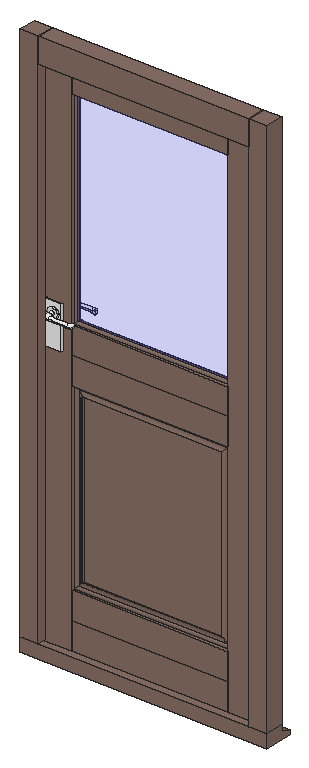
Revit family "DTI_A3-Swartland-Winsters-PD14S", category Doors, host Wall, Revit 2016
Family settings
  Host = Wall
  OmniClass Number = 23.30.10.00
  OmniClass Title = Doors
  Always vertical = Yes
  Cut with Voids When Loaded = No
  Shared = No
  Room Calculation Point = No
Parameters (values of type "Swartland Winsters PD14S")
  URL = "www.swartland.co.za"
  Rough Width = 923 mm
  Rough Height = 2165 mm
  Model = "PD14s"
  Manufacturer = "Swartland Doors & Windows"
  Function = Exterior
  Frame Width = 70 mm
  Height = 2102 mm
  Wall Closure = By host
  Width = Door Width + (Frame Width * 2)  # 953 mm
  Frame Depth = 70 mm
  Door Width = 813 mm
  Door Material = Meranti
  Door Height = 2032 mm
  Door Frame Material = Meranti
  Description = "Traditional Weatherboard Stable Back Door"
  Cill Height = 50 mm
  Assembly Code = ""
Reference planes
  plane 1 "Centre (Front/Back)": y = 0
  plane 2 "Center (Left/Right)": x = 0
  plane 3 "Left": x = -476.5
  plane 4 "Right": x = 476.5
  plane 5: z = 2152
  plane 6 "Exterior": y = 75
  plane 7 "Interior": y = -75
  plane 8: y = -35
  plane 9 "Frame exterior": y = 35
  plane 10: z = 2082
  plane 11: x = 406.5
  plane 12: x = -406.5
  plane 13 "Cill Level": z = 50
  plane 14: z = 1094.604
  plane 15 "Centre of door": y = 17.751
Forms (mm)
  Extrusion 1, solid, material "Meranti" <- "Door Frame Material"
    sketch origin (0, 0, 50) x (1, 0, 0) y (0, 1, 0)
      loop
        line (-476.5, 35) -> (-476.5, -35) -> (-406.5, -35) -> (-406.5, 35) -> (-476.5, 35)
    from 0 to 2102 <- "Height"
  Extrusion 2, solid, material "Meranti" <- "Door Frame Material"
    sketch origin (0, 0, 50) x (-1, 0, 0) y (0, -1, 0)
      loop
        line (-476.5, -35) -> (-406.5, -35) -> (-406.5, 35) -> (-476.5, 35) -> (-476.5, -35)
    from 0 to 2102 <- "Height"
  Extrusion 3, solid, material "Meranti" <- "Door Frame Material"
    sketch origin (0, 0, 0) x (0, 1, 0) y (0, 0, 1)
      loop
        line (-35, 50) -> (-35, 0) -> (75, 0) -> (75, 15) -> (35, 31.321) -> (35, 50) -> (-35, 50)
    from -476.5 to 476.5
  Extrusion 4, solid, material "Meranti"
    sketch origin (0, 0, 0) x (0, 1, 0) y (0, 0, 1)
      loop
        line (35, 2152) -> (-35, 2152) -> (-35, 2057) -> (-5, 2057) -> (-5, 2082) -> (35, 2082) -> (35, 2152)
    from 406.5 to -406.5
  Extrusion 5, solid, material "Meranti" <- "Door Material"
    sketch origin (0, 35, 0) x (0, 0, -1) y (-1, 0, 0)
      loop
        line (-50, -406.5) -> (-50, -301.5) -> (-2082, -301.5) -> (-2082, -406.5) -> (-50, -406.5)
    from -40 to 0
  Extrusion 6, solid, material "Meranti" <- "Door Material"
    sketch origin (0, 35, 0) x (0, 0, -1) y (-1, 0, 0)
      loop
        line (-50, 406.5) -> (-2082, 406.5) -> (-2082, 301.5) -> (-50, 301.5) -> (-50, 406.5)
    from -40 to 0
  Extrusion 7, solid, material "Meranti" <- "Door Material"
    sketch origin (0, 35, -1.104) x (0, 0, -1) y (-1, 0, 0)
      loop
        line (-51.104, -301.5) -> (-51.104, 301.5) -> (-156.104, 301.5) -> (-156.104, -301.5) -> (-51.104, -301.5)
    from 0 to -40
  Extrusion 8, solid, material "Meranti"
    sketch origin (0, 35, 0) x (0, 0, -1) y (-1, 0, 0)
      loop
        line (-1977, -301.5) -> (-1977, 301.5) -> (-2082, 301.5) -> (-2082, -301.5) -> (-1977, -301.5)
    from 0 to -40
  Extrusion 9, solid, material "Meranti" <- "Door Material"
    sketch origin (0, 35, 103.896) x (0, 0, -1) y (-1, 0, 0)
      loop
        line (-51.104, -301.5) -> (-51.104, 301.5) -> (-156.104, 301.5) -> (-156.104, -301.5) -> (-51.104, -301.5)
    from 0 to -40
  Extrusion 10, solid, material "Meranti"
    sketch origin (0, 35, 0) x (0, 0, -1) y (-1, 0, 0)
      loop
        line (-1075, -301.5) -> (-1075, 301.5) -> (-1177, 301.5) -> (-1177, -301.5) -> (-1075, -301.5)
    from 0 to -40
  Sweep 11, solid, material "Meranti"
    path origin (0, 17.751, 0) x (0, 0, 1) y (1, 0, 0)
      loop
        line (1977, 301.5) -> (1177, 301.5) -> (1177, -301.5) -> (1977, -301.5) -> (1977, 301.5)
    profile "Beading Profile : Beading Profile" origin (0, 17.751, 1977) x (0, 0, 1) y (0, 1, 0)
      loop
        line (0, 0) -> (0, 10.624)
        arc (0, 10.624) -> (-5.764, 9.652) -> (-10, 5.624) r 10
        line (-10, 5.624) -> (-10, -5.624)
        arc (-10, -5.624) -> (-5.764, -9.652) -> (0, -10.624) r 10
        line (0, -10.624) -> (0, 0)
  Extrusion 12, solid, material "Glass"
    sketch origin (0, 17.751, 0) x (0, 0, 1) y (1, 0, 0)
      loop
        line (1966.974, 291.475) -> (1177, 291.475) -> (1177, -291.475) -> (1966.974, -291.475) -> (1966.974, 291.475)
    from 3 to -3
  Sweep 13, solid, material "Meranti"
    path origin (0, 17.751, -951.995) x (0, 0, 1) y (1, 0, 0)
      loop
        line (1918.995, 301.5) -> (1211.995, 301.5) -> (1211.995, -301.5) -> (1918.995, -301.5) -> (1918.995, 301.5)
    profile "Door Panel Ply Profile : Door Panel Ply Profile" origin (0, 17.751, 967) x (0, 0, 1) y (0, 1, 0)
      loop
        arc (-32.957, -10) -> (-23.328, -6.22) -> (-13, -5.624) r 32.832
        arc (-13, -5.624) -> (-7.31, -10.241) -> (0, -9.74) r 10
        line (0, -9.74) -> (0, 0) -> (0, 9.74)
        arc (0, 9.74) -> (-7.31, 10.241) -> (-13, 5.624) r 10
        arc (-13, 5.624) -> (-23.328, 6.22) -> (-32.957, 10) r 32.832
        line (-32.957, 10) -> (-32.957, 0) -> (-32.957, -10)
  Extrusion 14, solid, material "Meranti"
    sketch origin (0, 17.751, -951.97) x (0, 0, 1) y (1, 0, 0)
      loop
        line (1886.013, 268.543) -> (1244.928, 268.543) -> (1244.928, -268.543) -> (1886.013, -268.543) -> (1886.013, 268.543)
    from 5 to -5
  Extrusion 15, solid, material "Meranti"
    sketch origin (0, 35, -102.004) x (0, 0, -1) y (-1, 0, 0)
      loop
        line (-1069.004, -301.5) -> (-1069.004, 301.5) -> (-1177, 301.5) -> (-1177, -301.5) -> (-1069.004, -301.5)
    from 0 to -40
Lines and regions (mm)
  Opening 1
    outline origin (-3050, -75, 0) x (1, 0, 0) y (0, 0, 1)
      loop
        line (2573.5, 0) -> (3526.5, 0) -> (3526.5, 2152) -> (2573.5, 2152) -> (2573.5, 0)
  symbolic lines, style "Elevation Swing"
    curve 1: line (406.5, -75, 1041) -> (-376.5, -75, 2082)
    curve 2: line (406.5, -75, 1041) -> (-376.5, -75, 50)
    curve 3: line (-376.5, 75, 50) -> (406.5, 75, 1041)
    curve 4: line (406.5, 75, 1041) -> (-376.5, 75, 2082)
  symbolic lines
    curve 5: line (406.5, -35, 0) -> (406.5, -848, 0)
    curve 6: arc (406.5, -848, 0) -> (-168.378, -609.878, 0) -> (-406.5, -35, 0) r 813
Text (mm)
  text "Exterior" at (-2295.016, 1099.543, 0), in view "Ref. Level"
  text "Exterior" at (0, 1615.38, 3698.081), in view "Left"
  text "Exterior" at (0, 1036.032, 3874.932), in view "Right"
Dimensions and locks
  equal spacing: plane 3 "Left", plane 2 "Center (Left/Right)", plane 4 "Right"
  "Width": plane 3 "Left" to plane 4 "Right"
  equal spacing: host wall, curve 4, plane 10
  locked: plane 6 "Exterior" to host wall at 0
  locked: plane 7 "Interior" to host wall
  equal spacing: plane 9 "Frame exterior", plane 1 "Centre (Front/Back)", plane 8
  "Frame Depth": plane 9 "Frame exterior" to plane 8
  "Frame Width": plane 10 to plane 5
  "Door Width": plane 12 to plane 11
  plane 9 "Frame exterior" to plane 8 = 70 mm  (x2)
  "Door Height": plane 13 "Cill Level" to plane 10
  "Cill Height": level to plane 13 "Cill Level"
  "Frame Width": plane 11 to plane 4 "Right"
  plane 3 "Left" to plane 12 = 70 mm  (x2)
  level to Extrusion 3 = 50 mm  (x2)
  aligned and locked: plane 3 "Left" to Opening 1 sketch curve
  aligned and locked: plane 5 to Opening 1 sketch curve  (x2)
  aligned and locked: Opening 1 sketch curve to plane 4 "Right"
  aligned and locked: Opening 1 sketch curve to level
  aligned and locked: plane 1 "Centre (Front/Back)" to host wall
  aligned: Extrusion 2 to level
  aligned: Extrusion 1 to level
  aligned: plane 12 to Extrusion 3
  aligned: Extrusion 3 to plane 11
  aligned and locked: Extrusion 3 to host wall  (x2)
  aligned and locked: Extrusion 2 to plane 13 "Cill Level"
  aligned and locked: Extrusion 1 to plane 13 "Cill Level"
  aligned and locked: Extrusion 2 to host wall
  aligned and locked: Extrusion 1 to host wall
  aligned and locked: curve 2 to curve 3
Automatic sketch dimensions
  curve 1 to plane 10 = 0 mm
  plane 11 to curve 2 = 0 mm
  curve 2 to plane 13 "Cill Level" = 0 mm
  curve 1 to plane 12 = 30 mm
  Extrusion 1 sketch curve to plane 3 "Left" = 0 mm
  Extrusion 1 sketch curve to plane 9 "Frame exterior" = 0 mm
  Extrusion 1 sketch curve to plane 12 = 0 mm
  Extrusion 1 sketch curve to plane 8 = 0 mm
  Extrusion 2 sketch curve to plane 4 "Right" = 0 mm
  Extrusion 2 sketch curve to plane 9 "Frame exterior" = 0 mm
  Extrusion 2 sketch curve to plane 11 = 0 mm
  Extrusion 2 sketch curve to plane 8 = 0 mm
  Extrusion 3 sketch curve to level = 0 mm
  Extrusion 3 sketch curve to plane 8 = 0 mm
  Extrusion 3 sketch curve to plane 9 "Frame exterior" = 0 mm
  Extrusion 3 sketch curve to host wall = 0 mm
  Extrusion 3 sketch curve to plane 13 "Cill Level" = 0 mm
  level to Extrusion 3 sketch curve = 15 mm
  Extrusion 3 sketch curve to Extrusion 3 sketch curve = 18.679 mm
  plane 5 to Extrusion 4 sketch curve = 0 mm
  Extrusion 4 sketch curve to plane 8 = 0 mm
  plane 10 to Extrusion 4 sketch curve = 0 mm
  Extrusion 4 sketch curve to plane 9 "Frame exterior" = 0 mm
  host wall to Extrusion 4 sketch curve = 5 mm
  plane 10 to Extrusion 4 sketch curve = 25 mm
  Extrusion 5 sketch curve to plane 10 = 0 mm
  plane 11 to Extrusion 5 sketch curve = 0 mm
  Extrusion 5 sketch curve to plane 13 "Cill Level" = 0 mm
  Extrusion 5 sketch curve to Extrusion 5 sketch curve = 105 mm
  Extrusion 6 sketch curve to plane 10 = 0 mm
  plane 12 to Extrusion 6 sketch curve = 0 mm
  Extrusion 6 sketch curve to plane 13 "Cill Level" = 0 mm
  Extrusion 6 sketch curve to Extrusion 6 sketch curve = 105 mm
  Extrusion 7 sketch curve to plane 13 "Cill Level" = 0 mm
  plane 13 "Cill Level" to Extrusion 7 sketch curve = 105 mm
  plane 11 to Extrusion 7 sketch curve = 105 mm
  Extrusion 7 sketch curve to plane 12 = 105 mm
  curve 4 to plane 10 = 0 mm
  curve 3 to plane 13 "Cill Level" = 0 mm
  plane 11 to curve 4 = 0 mm
  curve 3 to plane 12 = 30 mm
  curve 4 to plane 12 = 30 mm
  curve 6 to plane 8 = 0 mm
  curve 6 to plane 12 = 0 mm
  curve 6 to plane 11 = 0 mm
  curve 5 to plane 8 = 0 mm
  Extrusion 8 sketch curve to plane 10 = 0 mm
  plane 10 to Extrusion 8 sketch curve = 105 mm
  plane 11 to Extrusion 8 sketch curve = 105 mm
  Extrusion 8 sketch curve to plane 12 = 105 mm
  plane 11 to Extrusion 9 sketch curve = 105 mm
  plane 13 "Cill Level" to Extrusion 9 sketch curve = 210 mm
  plane 13 "Cill Level" to Extrusion 9 sketch curve = 105 mm
  Extrusion 9 sketch curve to plane 12 = 105 mm
  plane 14 to Extrusion 10 sketch curve = 82.396 mm
  Extrusion 10 sketch curve to plane 14 = 19.604 mm
  plane 11 to Extrusion 10 sketch curve = 105 mm
  Extrusion 10 sketch curve to plane 12 = 105 mm
  plane 14 to Sweep 11 sketch curve = 82.396 mm
  plane 10 to Sweep 11 sketch curve = 105 mm
  Sweep 11 sketch curve to plane 12 = 105 mm
  plane 11 to Sweep 11 sketch curve = 105 mm
  plane 14 to Extrusion 12 sketch curve = 82.396 mm
  plane 10 to Extrusion 12 sketch curve = 115.026 mm
  Extrusion 12 sketch curve to plane 12 = 115.025 mm
  plane 11 to Extrusion 12 sketch curve = 115.025 mm
  plane 11 to Sweep 13 sketch curve = 105 mm
  plane 13 "Cill Level" to Sweep 13 sketch curve = 210 mm
  Sweep 13 sketch curve to plane 14 = 127.604 mm
  Sweep 13 sketch curve to plane 12 = 105 mm
  plane 13 "Cill Level" to Extrusion 14 sketch curve = 242.957 mm
  Extrusion 14 sketch curve to plane 14 = 160.561 mm
  Extrusion 14 sketch curve to plane 12 = 137.957 mm
  plane 11 to Extrusion 14 sketch curve = 137.957 mm
  Extrusion 15 sketch curve to plane 14 = 19.608 mm
  Extrusion 15 sketch curve to Extrusion 15 sketch curve = 107.996 mm
  plane 11 to Extrusion 15 sketch curve = 105 mm
  Extrusion 15 sketch curve to plane 12 = 105 mm
Nested families
  nested 1: "Handle Domestic (1)" at (-431.5, -5, 1200), type "Handle Domestic (1)"
  nested 2: "Handle Domestic (1)" at (-431.5, 35, 1200), type "Handle Domestic (1)"
Definition of nested family "Handle Domestic (1)"
  Parameters
    Manufacturer = "Revit"
    Material Ironmongery = none
    Handle Z Distance = 0 mm
    Handle X Distance = 65 mm
    Function = (empty or 0)
  Reference planes
    plane 1 "Center (Front/Back)": y = 0
    plane 2: z = 0
    plane 3 "Center (Left/Right)": x = 0
    plane 4: z = 0
    plane 5: x = 65
  Forms (mm)
    Extrusion 1, solid, material <- "Material Ironmongery", detail levels medium+fine
      sketch origin (0, 0, 0) x (1, 0, 0) y (0, 0, 1)
        loop
          line (35, 40) -> (35, -125) -> (95, -125) -> (95, 40) -> (35, 40)
      from 0 to -6
    Sweep 2, solid, material <- "Material Ironmongery", detail levels medium+fine
      path origin (0, 0, 0) x (0, -1, 0) y (1, 0, 0)
        loop
          line (-10.593, 65) -> (-26, 65)
          arc (-26, 65) -> (-36.607, 69.393) -> (-41, 80) r 15
          line (-41, 80) -> (-41, 152)
          arc (-41, 152) -> (-38.657, 157.657) -> (-33, 160) r 8
      profile origin (0, 18.296, 0) x (-1, 0, 0) y (0, 0, 1)
        loop
          circle (-65, 0) r 7
    Extrusion 3, solid, material <- "Material Ironmongery", detail levels medium+fine
      sketch origin (0, 0, 0) x (1, 0, 0) y (0, 0, 1)
        loop
          circle (65, 0) r 20
      from -6 to -10.593
  Dimensions and locks
    "Handle Z Distance": plane 4 to level
    "Handle X Distance": plane 5 to plane 3 "Center (Left/Right)"
    aligned and locked: Extrusion 1 to Extrusion 3
    aligned and locked: Extrusion 3 to Sweep 2 sketch curve
  Automatic sketch dimensions
    Sweep 2 sketch curve to plane 4 = 0 mm
    Sweep 2 sketch curve to profile plane = 0 mm
    Extrusion 3 sketch curve to plane 4 = 0 mm
    Extrusion 3 sketch curve to plane 5 = 0 mm
    Sweep 2 sketch curve to plane 5 = 0 mm
    Sweep 2 sketch curve to plane 1 "Center (Front/Back)" = 41 mm
    Sweep 2 sketch curve to Sweep 2 sketch curve = 8 mm
    Sweep 2 sketch curve to Sweep 2 sketch curve = 15 mm
    Sweep 2 sketch curve to Sweep 2 sketch curve = 72 mm
    plane 5 to Extrusion 1 sketch curve = 30 mm
    Extrusion 1 sketch curve to plane 5 = 30 mm
    plane 4 to Extrusion 1 sketch curve = 125 mm
    Extrusion 1 sketch curve to plane 4 = 40 mm
    radius of Sweep 2 sketch curve = 7 mm
    radius of Extrusion 3 sketch curve = 20 mm
